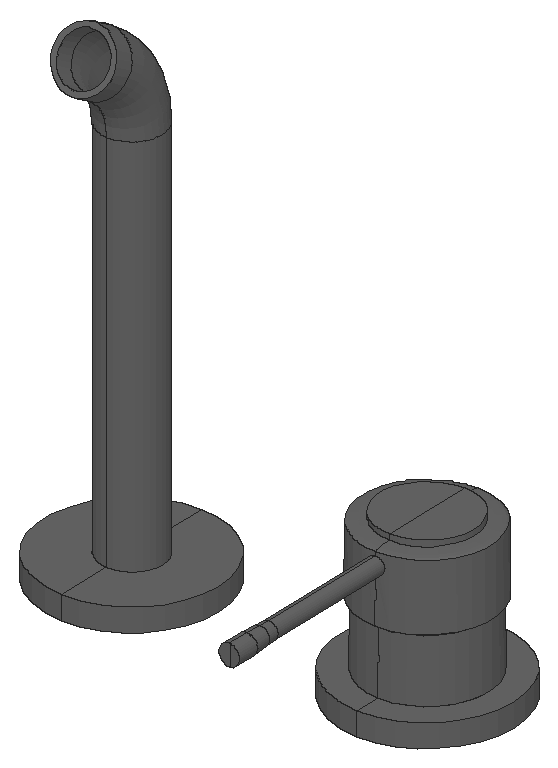
Revit family "Grohe_BasinMixer_Essence_29192KF1", category Plumbing Fixtures, host Face, Revit 2020
Family settings
  Host = Face
  Round Connector Dimension = Use Diameter
  Part Type = Normal
  OmniClass Number = 23.45.05.00
  OmniClass Title = Sanitary Equipment
  Cut with Voids When Loaded = No
  Shared = No
  Room Calculation Point = No
Parameters (values of type "ESSENCE Basin Mixer (29192KF1)")
  _ObjectUserGuide = "https://www.bimstore.co/products/grohe-29192KF1/document/object-user-guide"
  _DistributedBy = "https://www.bimstore.co/"
  _CurrentRevision = 1
  _CreatedBy = "https://www.bimstore.co/"
  _BimSpecGuid = 0
  _BSBibleVersion = 17
  _AuthorizedBy = "bimstore"
  _Author = "AM 147"
  Waste Connection = no
  WarrantyStartDate [instance] = "Please Record On Commissioning."
  WarrantyGuarantorParts = "info-uk@grohe.com"
  WarrantyGuarantorLabor = "info-uk@grohe.com"
  WarrantyDurationUnit = "Years"
  WarrantyDurationParts = "0"
  WarrantyDurationLabor = "0"
  WarrantyDescription = "n/a"
  Vent Connection = no
  URL = "https://www.grohe.co.uk/"
  TypeName = "ESSENCE Basin Mixer"
  Type Comments = "ESSENCE Basin Mixer"
  TPIDocumentLink = "https://cdn.cloud.grohe.com/tpi/2000/2100/2180/2185/2185090/original/2185090.pdf"
  SustainabilityReport = "green.grohe.com/reporting"
  SustainabilityAward = "green.grohe.com/awards"
  SpareParts = "info-uk@grohe.com"
  Size = "n/a"
  Shape = "n/a"
  SerialNumber [instance] = "Please Record On Commissioning."
  ReplacementCost = "n/a"
  ReferencedStandard = "n/a"
  ProductionYear = "2023"
  ProductType = "Single Lever Mixer"
  ProductShortText = "Essence 2-hole basin mixer M-Size"
  ProductPageURL = "https://www.grohe.co.uk/en_gb/-29192KF1.html"
  ProductNumber = "29192KF1"
  ProductDescription = "wall mounted\r\n\r\nset for final installation for 23 571 000\r\n\r\nwithout concealed body\r\n\r\nmetal escutcheon\r\n\r\nmetal lever\r\n\r\nGROHE Long-Life Shine finish\r\n\r\nGROHE Water Saving mousseur 5.7 l/min\r\n\r\nGROHE AquaGuide adjustable mousseur\r\n\r\ncenter distance 110 mm\r\n\r\nprojection 183 mm\r\n\r\nmin. recommended pressure 1.0 bar\r\n\r\nprofessional exclusive"
  PrimaryMaterial = Grohe_MattBlack
  PQDiagramLink = "https://cdn.cloud.grohe.com/PQCharts/lores/2/291/original/29192KF1-pqchart-en_GB.svg"
  NominalLength = 0.0 mm
  NominalHeight = 0.0 mm
  NominalDepth = 0.0 mm
  NBSReference = "45-35-70/345"
  NBSOfficeMasterTag = "n/a"
  NBSObjectName = "Grohe - Mixer taps"
  NBSNote = "n/a"
  NBSDescription = "Mixer taps"
  ModelReference = "ESSENCE Basin Mixer"
  ModelNumber = "29192KF1"
  Model = "ESSENCE Basin Mixer"
  Material = "n/a"
  ManufacturerName = "Grohe"
  Manufacturer = "Grohe"
  Keynote = "N13"
  InstallationDate [instance] = "Please Record On Commissioning."
  IfcExportType = "IfcPipeFittingType"
  IfcExportAs = "IfcPipeFitting"
  HW Connection = yes
  Grade = "n/a"
  GROHESustainability = "green.grohe.com"
  GROHESocialCommittment = "green.grohe.com/social_engagement"
  FullRecyclabilityOfPlastic = "All plastic components are fully recyclable"
  Finish = "n/a"
  Features = "n/a"
  ExpectedLife = 0
  Ecojoy = no
  EFSE0002 = "FALSE"
  EFDE0022 = "Group I, <=20 dB(A)"
  EF023957 = "FALSE"
  EF023687 = "FALSE"
  EF023686 = "Other"
  EF022042 = "None"
  EF021855 = "FALSE"
  EF020963 = "TRUE"
  EF020790 = "TRUE"
  EF020789 = 183.0 mm
  EF020788 = "TRUE"
  EF020787 = "Group II, <=30 dB(A)"
  EF020786 = "1"
  EF020785 = "Other"
  EF020784 = "Other"
  EF020783 = "Other"
  EF020782 = "Brass"
  EF020781 = "Cartouche, ceramic"
  EF020780 = "Single-grip"
  EF020779 = "FALSE"
  EF020778 = "FALSE"
  EF020777 = "TRUE"
  EF020776 = "FALSE"
  EF020775 = "FALSE"
  EF020774 = "FALSE"
  EF020105 = no
  EF016731 = "Group II, <=30 dB(A)"
  EF014591 = "FALSE"
  EF014578 = "FALSE"
  EF012753 = "5.0"
  EF011779 = "FALSE"
  EF011775 = "not applicable"
  EF005464 = "0"
  EF002671 = "Black"
  EF002286 = "Other"
  EF002149 = "FALSE"
  EF001707 = "70 °C"
  EF000010 = "Finishing section"
  DurationUnit = "Years"
  DocumentationTechnical = "https://www.bimstore.co/products/grohe-29192KF1/document/technical-data-sheet"
  DocumentationMaintenance = "https://www.bimstore.co/products/grohe-29192KF1/document/maintenance-information"
  DocumentationLiterature = "https://www.bimstore.co/products/grohe-29192KF1/document/product-literature"
  DocumentationInstallationGuide = "https://www.bimstore.co/products/grohe-29192KF1/document/installation-guide"
  DocumentationCertificates = "https://www.bimstore.co/products/grohe-29192KF1/document/product-certificates"
  DimensionsDocumentLink = "https://cdn.cloud.grohe.com/dimdraw/1000/1800/1860/1867/1867903/1280/1867903.jpg"
  Description = "ESSENCE Basin Mixer"
  Default Elevation = 0.0 mm
  CreatedOn = "2023-03-01T09:00:00"
  CreatedBy = "info-uk@grohe.com"
  CradleToCradleCertification = "n/a"
  Cost = 0
  Constituents = "n/a"
  Color = "Matt Black"
  CodePerformance = "n/a"
  ClassificationValue = "Pr_40_20_87_55"
  ClassificationName = "Uniclass2015"
  CW Connection = yes
  CO2NeutralProduction = "GROHE is one of the first leading manufacturer within the sanitary industry having a CO2-neutral production."
  BarCode [instance] = "Please Record On Commissioning."
  BIMObjectName = "Grohe_BasinMixer_Essence_29192KF1"
  AssetType = "Fixed"
  AssetIdentifier [instance] = "n/a"
  Assembly Code = "D2010"
  AccessibilityPerformance = "n/a"
Reference planes
  plane 1 "Center (Front/Back)": y = 0
  plane 2: z = 0
  plane 3 "Center (Left/Right)": x = 0
Forms (mm)
  Sweep 1, solid, material "Grohe_MattBlack" <- "PrimaryMaterial"
    path origin (-54.994, -2.174, 1219.2) x (0, 1, 0) y (0, 0, 1)
      loop
        line (-20.078, -1036.452) -> (-13.326, -1040.35)
        arc (-13.326, -1040.35) -> (-1.98, -1051.697) -> (2.174, -1067.197) r 31
        line (2.174, -1067.197) -> (2.174, -1219.2)
    profile origin (-54.994, 0, 76.002) x (1, 0, 0) y (0, 1, 0)
      loop
        circle (0, 0) r 11.5
      loop
        circle (0, 0) r 9.5
  Revolve 2, solid, material "Grohe_MattBlack" <- "PrimaryMaterial", detail levels medium+fine
    sketch origin (55.006, 9.384, 1219.2) x (0, 1, 0) y (0, 0, 1)
      loop
        line (14.829, -1185.876) -> (14.616, -1161.219)
        spline (14.616, -1161.219) -> (14.409, -1161.041) -> (13.796, -1160.867) -> (12.786, -1160.698) -> (11.397, -1160.538) -> (9.652, -1160.39) -> (7.582, -1160.256) -> (5.222, -1160.138) -> (2.613, -1160.039) -> (-0.202, -1159.96) -> (-3.174, -1159.903) -> (-6.253, -1159.868) -> (-9.384, -1159.857)
        line (-9.384, -1159.857) -> (-9.384, -1219.2) -> (23.116, -1219.2) -> (23.116, -1210.585) -> (13.453, -1210.585) -> (13.247, -1187.014)
        arc (13.247, -1187.014) -> (12.973, -1186.441) -> (12.685, -1185.876) r 24.933
        line (12.685, -1185.876) -> (14.829, -1185.876)
      axis (-9.384, -1219.2) -> (-9.384, -1159.857)
    angle from 0 to 360
  Revolve 3, solid, material "Grohe_MattBlack" <- "PrimaryMaterial", detail levels medium+fine
    sketch origin (55.006, 9.384, 1219.2) x (0, 1, 0) y (0, 0, 1)
      loop
        line (8.12, -1160.287) -> (8.12, -1158.2) -> (-9.384, -1158.2) -> (-9.384, -1159.857)
        spline (-9.384, -1159.857) -> (-7.751, -1159.86) -> (-6.125, -1159.869) -> (-4.514, -1159.885) -> (-2.926, -1159.907) -> (-1.368, -1159.935) -> (0.153, -1159.969) -> (1.63, -1160.009) -> (3.056, -1160.054) -> (4.424, -1160.105) -> (5.728, -1160.161) -> (6.962, -1160.222) -> (8.12, -1160.287)
      axis (-9.384, -1160.287) -> (-9.384, -1158.2)
    angle from 0 to 360
  Revolve 4, solid, material "Grohe_MattBlack" <- "PrimaryMaterial", detail levels medium+fine
    sketch origin (55.006, 9.384, 1219.2) x (0, 1, 0) y (0, 0, 1)
      loop
        line (-101.387, -1161.979) -> (-101.387, -1165.876) -> (-9.384, -1165.876) -> (-9.384, -1162.704) -> (-82.9, -1162.704)
        arc (-82.9, -1162.704) -> (-85.039, -1162.629) -> (-87.168, -1162.406) r 30.718
        arc (-87.168, -1162.406) -> (-90.218, -1162.086) -> (-93.283, -1161.979) r 44
        line (-93.283, -1161.979) -> (-101.387, -1161.979)
      axis (-9.384, -1165.876) -> (-101.387, -1165.876)
    angle from 0 to 360
  Revolve 5, solid, material "Grohe_MattBlack" <- "PrimaryMaterial", detail levels medium+fine
    sketch origin (-54.994, -2.174, 1219.2) x (0, 1, 0) y (0, 0, 1)
      loop
        line (34.673, -1210.585) -> (13.674, -1210.585) -> (13.674, -1219.2) -> (34.673, -1219.2) -> (34.673, -1210.585)
      axis (2.174, -1210.585) -> (2.174, -1219.2)
    angle from 0 to 360
  Extrusion 6, solid, material "Grohe_MattBlack" <- "PrimaryMaterial", detail levels coarse
    sketch origin (0, 0, 0) x (1, 0, 0) y (0, 1, 0)
      loop
        circle (55.006, 0) r 24.213
    from 0 to 61
  Extrusion 7, solid, material "Grohe_MattBlack" <- "PrimaryMaterial", detail levels coarse
    sketch origin (0, 0, 0) x (1, 0, 0) y (0, 0, 1)
      loop
        circle (55.006, 53.324) r 3.897
    from 0 to 92.003
Cuts and joins
  joined: Revolve 2, Revolve 4
  joined: Extrusion 6, Extrusion 7
Dimensions and locks
  aligned and locked: plane 2 to host face
  aligned and locked: level to host face
Connectors
  piping at (-54.994, 0, 0), diameter 15
    settings: on Revolve 5, index 1, connector inside diameter 609.6 mm, connector length 0.0 mm, flow factor 0, pipe flow 0.0 L/s, pressure drop 0.0 Pa, fitting loss kfactor 0, connector angle 0.00°, fixture units 0, engagement length 0.0 mm, angle of deflection 0.00°, flow configuration 0, flow direction 1, fitting loss method 0, system type 29, joint type 0, gender type 0, connector reference index -1, connector utility 0, adjustable connector no, is connector primary yes, connector description ""
